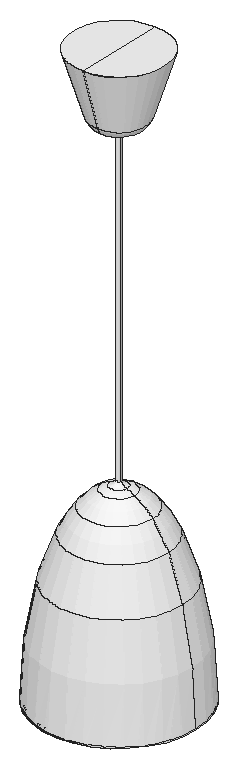
Revit family "Lighting_Pendants_Nordlux_Nexus_20", category Lighting Fixtures, host Ceiling, Revit 2017
Family settings
  Host = Ceiling
  Round Connector Dimension = Use Diameter
  Part Type = Normal
  OmniClass Number = 23.80.70.11
  OmniClass Title = Luminaries for Internal Lighting
  Always vertical = Yes
  Cut with Voids When Loaded = No
  Light Source = Yes
  Shared = No
  Room Calculation Point = No
Parameters (values of type "Nexus 20 - white")
  Wattage = 1.34642 W
  WarrantyStartDate [instance] = "n/a"
  WarrantyGuarantorParts = "n/a"
  WarrantyGuarantorLabor = "n/a"
  WarrantyDurationUnit = "Hours"
  WarrantyDurationParts = "n/a"
  WarrantyDurationLabor = "n/a"
  WarrantyDescription = "n/a"
  built-in parameter 1150110 = 1 (stored number, unit not read)
  VersionDate = "07/08/2019"  # constant formula
  Version = "1"  # constant formula
  UsageCurrent = 0 A
  Uniclass2015Reference = "Pr_70_70_48_62"
  Uniclass2015Description = "Pendant  luminaires"
  Uniclass2 = "Pr_70_70_49_86"
  URL = "https://www.nordlux.com/products/product/77263001"
  TotalWattage = 40 W
  built-in parameter 1114217 = 1 (stored number, unit not read)
  Tilt Angle = 90.00°
  built-in parameter 1150109 = 1 (stored number, unit not read)
  built-in parameter 1150134 = (empty or 0)
  TagNumber [instance] = "n/a"
  SustainabilityPerformance = "n/a"
  built-in parameter 1150113 = 1 (stored number, unit not read)
  Socket = "E27"
  Size = "Shade: 200x200x250 mm / Canopy: 120x120x90 mm"
  Shape = "Sculptured"
  SerialNumber [instance] = "n/a"
  Revision = "n/a"
  ReplacementCost = "n/a"
  ProductInformation = "n/a"
  Product data url = "https://www.bimobject.com/nordlux/product/nexus_20_e27_pendant"
  Photometric Web File = "7726 Nexus 20 Pendel w acryl.ies"
  PhaseReference = "n/a"
  PhaseAngle = 0.00°
  NumberOfSources = 0
  NumberOfPoles = 1
  NominalWidth = NominalDiameter  # 200 mm
  NominalVoltageCalc = 0 V
  NominalVoltage = 230 V
  NominalRadius = NominalDiameter / 2  # 100 mm
  NominalLength = NominalDiameter  # 200 mm
  NominalHeight [instance] = CableLengthControl + 257.5 mm  # 757.5 mm
  NominalFrequencyRange = 50 Hz
  NominalDiameter = 200 mm
  NominalCurrent = 0 A
  Name = "Nexus_20"  # constant formula
  NBSReference = "90-60-50/405"
  NBSDescription = "General purpose luminaires"
  ModelReference = ArticleNumber  # "77263001"
  ModelNumber = "n/a"
  Model = "Nexus 20 - white"
  Material = "Metal, plastic & textile"
  ManufacturersSpecificInformation = "n/a"
  ManufacturerURL = "https://www.nordlux.com/"
  ManufacturerName = "Nordlux"
  Manufacturer = "Nordlux"
  MaintenanceFactor = 0
  Lumens = 200 lm
  built-in parameter 1150115 = 1 (stored number, unit not read)
  built-in parameter 1150105 = 303.49 (stored number, unit not read)
  LightSource = "Not included"
  LightFixtureTertiaryMaterial = Glass
  LightFixtureSecondaryMaterial = White cable
  LightFixturePlacingType = "Ceilling"
  LightFixtureMountingType = "Suspended"
  LightFixtureMainMaterial = White
  built-in parameter 1150137 = (empty or 0)
  built-in parameter 1150139 = (empty or 0)
  LensMaterial = Acrylic diffuser
  built-in parameter 1150112 = 1 (stored number, unit not read)
  built-in parameter 1150114 = 1 (stored number, unit not read)
  InsulationStandardClass = "Class 2 (Double isolated)"
  InstallationDate [instance] = "n/a"
  built-in parameter 1150132 = 2
  built-in parameter 1150102 = (empty or 0)
  built-in parameter 1150138 = (empty or 0)
  built-in parameter 1150107 = 2700 (stored number, unit not read)
  built-in parameter 1150106 = 3.0349 (stored number, unit not read)
  IfcExportType = "NOTDEFINED"  # constant formula
  IfcExportAs = "IfcLightFixtureType"  # constant formula
  IP_Code = "IP20"
  HasProtectiveEarth = no
  Grade = "n/a"
  Finish = "Primary material metal, secondary material plastic, textile cable"
  Features = "Includes acylic diffuser. Textile cable 250cm. Cable can not be replaced."
  ExpectedLife = "n/a"
  EnergyClass = "A++ - D"
  Emit from Circle Diameter = 50 mm
  Emit Shape Visible in Rendering = no
  ElectricalDeviceNominalPower = 0
  built-in parameter 1150104 = 13.8 (stored number, unit not read)
  EANNumber = "5701581245280"
  DurationUnit = "Hours"
  Dimming Lamp Color Temperature Shift = <None>
  Designer = "Bonnelycke MDD"
  Description = "NEXUS is an exciting series that epitomises Nordic cool. The details tell the story of an elegantly designed light, for example, the pendant’s invisible transition between shade and cord, and the beautiful enclosed acrylic inserts that create an exciting play of light."
  DefaultElevation = 0 mm
  ConvergoRefNr = "0143-1909-0010-DK"
  Constituents = "n/a"
  Color Filter = 16777215
  Color = "White"
  Collection = "Nexus"
  CodePerformance = "n/a"
  Category = "Indoor lighting"
  CableLengthControl [instance] = if(CableLength < 250 mm, 250 mm, if(CableLength > 2500 mm, 2500 mm, CableLength))  # 500 mm
  CableLength [instance] = 500 mm
  Brand = "Nordlux"
  Barcode [instance] = "n/a"
  built-in parameter 1114218 = 1 (stored number, unit not read)
  BIMObjectName = "Lighting_Pendants_Nordlux_Nexus_20"  # constant formula
  Author = "Convergo AB"  # constant formula
  built-in parameter 1150133 = 10 (stored number, unit not read)
  AssetType = "Fixed"
  AssetIdentifier [instance] = "n/a"
  ArticleNumber = "77263001"
  AccessibilityPerformance = "n/a"
Types (4, lengths in mm): name | URL | ModelReference | Model | LightFixtureSecondaryMaterial | LightFixtureMainMaterial | EANNumber | Color | ArticleNumber
  Nexus 20 - white | "https://www.nordlux.com/products/product/77263001" | "77263001" | "Nexus 20 - white" | White cable | White | "5701581245280" | "White" | "77263001"
  Nexus 20 - black | "https://www.nordlux.com/products/product/77263003" | "77263003" | "Nexus 20 - black" | Black cable | Black | "5701581245389" | "Black" | "77263003"
  Nexus 20 - grey | "https://www.nordlux.com/products/product/77263010" | "77263010" | "Nexus 20 - grey" | Grey cable | Grey | "5701581245587" | "Grey" | "77263010"
  Nexus 20 - brushed steel | "https://www.nordlux.com/products/product/77263032" | "77263032" | "Nexus 20 - brushed steel" | Black cable | Brushed steel | "5701581254688" | "Brushed steel" | "77263032"
Reference planes
  plane 1 "Light Source Axis (F/B)": y = 0
  plane 2: z = 0
  plane 3 "Light Source Axis (L/R)": x = 0
  plane 4 "Ceiling": z = 4000
  plane 5 "Light Source Elevation": z = 3246.5
  plane 6: x = -100
  plane 7: y = 100
  plane 8: x = 100
  plane 9: y = -100
  plane 10: z = 3500
  plane 11: z = 3242.5
Forms (mm)
  Extrusion 1, solid, material "White" <- "LightFixtureMainMaterial", detail levels coarse
    sketch origin (0, 6000, 3224.2) x (0, 1, 0) y (1, 0, 0)
      loop
        line (-5900, -100) -> (-5900, 100) -> (-6100, 100) -> (-6100, -100) -> (-5900, -100)
    from -18.3 to -775.8
Lines and regions (mm)
  symbolic lines
    curve 1: line (3.5, 0, 4000) -> (-3, 0, 4000)
  symbolic lines, detail levels medium+fine
    curve 2: line (3, 0, 3910.425) -> (3, 0, 3500.031)
    curve 3: line (0, 3, 3910.425) -> (0, 3, 3500.031)
    curve 4: line (-3, 0, 3910.425) -> (-3, 0, 3500.031)
    curve 5: line (0, -3, 3910.425) -> (0, -3, 3500.031)
Dimensions and locks
  equal spacing: host sketch curve, plane 3 "Light Source Axis (L/R)", host sketch curve
  equal spacing: host sketch curve, plane 1 "Light Source Axis (F/B)", host sketch curve
  host sketch curve to host sketch curve = 4000 mm  (x2)
  locked: plane 4 "Ceiling" to host ceiling at 0
  equal spacing: plane 9, plane 1 "Light Source Axis (F/B)", plane 7
  "NominalDiameter": plane 7 to plane 9
  equal spacing: plane 6, plane 3 "Light Source Axis (L/R)", plane 8
  "NominalDiameter": plane 6 to plane 8
  "CableLengthControl": plane 10 to plane 4 "Ceiling"
  "NominalHeight": plane 11 to plane 4 "Ceiling"
  locked: plane 11 to plane 5 "Light Source Elevation" at 4
  aligned and locked: plane 3 "Light Source Axis (L/R)" to imposter light
  aligned and locked: plane 1 "Light Source Axis (F/B)" to imposter light
  aligned and locked: plane 5 "Light Source Elevation" to imposter light
  aligned and locked: plane 4 "Ceiling" to curve 1
  aligned and locked: plane 7 to Extrusion 1 sketch curve
  aligned and locked: plane 6 to Extrusion 1 sketch curve
  aligned and locked: plane 9 to Extrusion 1 sketch curve
  aligned and locked: plane 8 to Extrusion 1 sketch curve
  aligned and locked: Extrusion 1 to plane 4 "Ceiling"
  aligned and locked: plane 11 to Extrusion 1
  aligned and locked: nested 2 to plane 4 "Ceiling"
  aligned and locked: curve 3 to nested 2
  aligned and locked: curve 5 to nested 2
  aligned and locked: nested 2 to curve 2
  aligned and locked: nested 2 to curve 4
  aligned and locked: plane 11 to nested 1
  aligned and locked: nested 1 to curve 2
  aligned and locked: nested 1 to curve 4
  aligned and locked: nested 1 to curve 5
  aligned and locked: curve 3 to nested 1
Automatic sketch dimensions
  plane 1 "Light Source Axis (F/B)" to curve 5 = 3 mm
  curve 3 to plane 1 "Light Source Axis (F/B)" = 3 mm
  curve 1 to plane 3 "Light Source Axis (L/R)" = 3 mm
  curve 4 to plane 3 "Light Source Axis (L/R)" = 3 mm
  plane 3 "Light Source Axis (L/R)" to curve 2 = 3 mm
  plane 3 "Light Source Axis (L/R)" to curve 1 = 3.5 mm
Nested families
  nested 1: "Nexus_20" at (0, 0, 3242.5), Metal <- "LightFixtureMainMaterial", Diffuser <- "LensMaterial", Glass <- "LightFixtureTertiaryMaterial", type "Nexus_20"
    with Metal White, Glass Glass, Diffuser Acrylic diffuser
  nested 2: "Nexus_Cable" at (0, 0, 4000) x (1, 0, 0) z (0, 0, -1), Cable <- "LightFixtureSecondaryMaterial", Metal <- "LightFixtureMainMaterial", CableLength <- "CableLengthControl", type "Nexus_Cable"
    with Metal White, CableLength 500 mm, Cable White cable
Connectors
  electrical at (0, 0, 4000), driven by "NumberOfPoles", driven by "NominalVoltage"
    settings: on nested 2, index 1, voltage 230 V, apparent load 0 VA, apparent load phase1 0 VA, apparent load phase2 0 VA, apparent load phase3 0 VA, power factor 1, load classification "Other", number of poles 1, system type 31, power factor state 1, is connector primary yes, connector utility no, sub classification motor no, connector description ""
Definition of nested family "Nexus_20"
  Parameters (values of type "Nexus_20")
    Metal [instance] = none
    Glass [instance] = none
    Diffuser [instance] = none
  Reference planes
    plane 1 "Center (Front/Back)": y = 0
    plane 2: z = 0
    plane 3 "Center (Left/Right)": x = 0
  Forms (mm)
    Revolve 1, solid, material <- "Metal", detail levels medium+fine
      sketch origin (0, 0, 0) x (1, 0, 0) y (0, 0, 1)
        loop
          arc (-99.032, 5.439) -> (-95.019, 74.053) -> (-82.348, 141.605) r 541.589
          arc (-82.348, 141.605) -> (-74.059, 168.555) -> (-63.148, 194.555) r 285.07
          arc (-63.148, 194.555) -> (-53.92, 211.306) -> (-42.854, 226.904) r 168.641
          arc (-42.854, 226.904) -> (-32.611, 237.519) -> (-20.567, 246.037) r 78.716
          arc (-20.567, 246.037) -> (-15.713, 248.41) -> (-10.585, 250.113) r 40.35
          arc (-10.585, 250.113) -> (-5.835, 252.468) -> (-2.429, 256.531) r 12.928
          line (-2.429, 256.531) -> (0, 256.531) -> (0, 257.531) -> (-3.101, 257.531)
          arc (-3.101, 257.531) -> (-6.224, 253.442) -> (-10.799, 251.091) r 11.684
          arc (-10.799, 251.091) -> (-16.073, 249.343) -> (-21.065, 246.904) r 41.35
          arc (-21.065, 246.904) -> (-33.262, 238.278) -> (-43.636, 227.528) r 79.716
          arc (-43.636, 227.528) -> (-54.767, 211.837) -> (-64.05, 194.987) r 169.641
          arc (-64.05, 194.987) -> (-74.999, 168.896) -> (-83.317, 141.852) r 286.07
          arc (-83.317, 141.852) -> (-96.098, 73.465) -> (-100.023, 4.005) r 542.589
          arc (-100.023, 4.005) -> (-97.258, 3.155) -> (-99.032, 5.439) r 1.517
        axis (0, 257.531) -> (0, 4.005)
      angle from 0 to 360
    Revolve 2, solid, material <- "Glass", detail levels medium+fine
      sketch origin (0, 0, 0) x (1, 0, 0) y (0, 0, 1)
        loop
          line (0, 185.645) -> (0, 205.645)
          arc (0, 205.645) -> (-10, 195.645) -> (0, 185.645) r 10
        axis (0, 185.645) -> (0, 205.645)
      angle from 0 to 360
    Revolve 3, solid, material <- "Metal", detail levels medium+fine
      sketch origin (0, 0, 0) x (1, 0, 0) y (0, 0, 1)
        loop
          line (-7.592, 204.941) -> (0, 204.941) -> (0, 253.471) -> (-3.618, 253.471) -> (-3.618, 250.477) -> (-8, 250.477) -> (-8, 232.425) -> (-0.597, 232.425)
          arc (-0.597, 232.425) -> (-5.571, 230.063) -> (-7.592, 224.941) r 7.501
          line (-7.592, 224.941) -> (-7.592, 204.941)
        axis (0, 253.471) -> (0, 204.941)
      angle from 0 to 360
    Extrusion 4, solid, material <- "Diffuser", detail levels medium+fine
      sketch origin (0, 0, 0) x (1, 0, 0) y (0, 1, 0)
        loop
          circle (48, 0) r 42
        loop
          circle (48, 0) r 44
      from 0 to 4
    Extrusion 5, solid, material <- "Diffuser", detail levels medium+fine
      sketch origin (0, 0, 0) x (0.866025, -0.5, 0) y (0.5, 0.866025, 0)
        loop
          circle (48, 0) r 42
        loop
          circle (48, 0) r 44
      from 0 to 4
    Extrusion 6, solid, material <- "Diffuser", detail levels medium+fine
      sketch origin (0, 0, 0) x (0.5, -0.866025, 0) y (0.866025, 0.5, 0)
        loop
          circle (48, 0) r 42
        loop
          circle (48, 0) r 44
      from 0 to 4
    Extrusion 7, solid, material <- "Diffuser", detail levels medium+fine
      sketch origin (0, 0, 0) x (0, -1, 0) y (1, 0, 0)
        loop
          circle (48, 0) r 42
        loop
          circle (48, 0) r 44
      from 0 to 4
    Extrusion 8, solid, material <- "Diffuser", detail levels medium+fine
      sketch origin (0, 0, 0) x (-0.5, -0.866025, 0) y (0.866025, -0.5, 0)
        loop
          circle (48, 0) r 42
        loop
          circle (48, 0) r 44
      from 0 to 4
    Extrusion 9, solid, material <- "Diffuser", detail levels medium+fine
      sketch origin (0, 0, 0) x (-0.866025, -0.5, 0) y (0.5, -0.866025, 0)
        loop
          circle (48, 0) r 42
        loop
          circle (48, 0) r 44
      from 0 to 4
    Extrusion 10, solid, material <- "Diffuser", detail levels medium+fine
      sketch origin (0, 0, 0) x (-1, 0, 0) y (0, -1, 0)
        loop
          circle (48, 0) r 42
        loop
          circle (48, 0) r 44
      from 0 to 4
    Extrusion 11, solid, material <- "Diffuser", detail levels medium+fine
      sketch origin (0, 0, 0) x (-0.866025, 0.5, 0) y (-0.5, -0.866025, 0)
        loop
          circle (48, 0) r 42
        loop
          circle (48, 0) r 44
      from 0 to 4
    Extrusion 12, solid, material <- "Diffuser", detail levels medium+fine
      sketch origin (0, 0, 0) x (-0.5, 0.866025, 0) y (-0.866025, -0.5, 0)
        loop
          circle (48, 0) r 42
        loop
          circle (48, 0) r 44
      from 0 to 4
    Extrusion 13, solid, material <- "Diffuser", detail levels medium+fine
      sketch origin (0, 0, 0) x (0, 1, 0) y (-1, 0, 0)
        loop
          circle (48, 0) r 42
        loop
          circle (48, 0) r 44
      from 0 to 4
    Extrusion 14, solid, material <- "Diffuser", detail levels medium+fine
      sketch origin (0, 0, 0) x (0.5, 0.866025, 0) y (-0.866025, 0.5, 0)
        loop
          circle (48, 0) r 42
        loop
          circle (48, 0) r 44
      from 0 to 4
    Extrusion 15, solid, material <- "Diffuser", detail levels medium+fine
      sketch origin (0, 0, 0) x (0.866025, 0.5, 0) y (-0.5, 0.866025, 0)
        loop
          circle (48, 0) r 42
        loop
          circle (48, 0) r 44
      from 0 to 4
    Revolve 16, solid, material <- "Metal", detail levels medium+fine
      sketch origin (0, 0, 0) x (0, 1, 0) y (0, 0, 1)
        loop
          line (100.25, 2.5) -> (100.25, 4) -> (92.902, 4) -> (92.902, 2.5) -> (100.25, 2.5)
        axis (0, 2.5) -> (0, 4)
      angle from 0 to 360
    Revolve 17, solid, material <- "Metal", detail levels medium+fine
      sketch origin (0, 0, 0) x (1, 0, 0) y (0, 0, 1)
        loop
          line (-96.5, 15) -> (-96.5, 4) -> (-91.5, 4) -> (-91.5, 15) -> (-96.5, 15)
        axis (0, 15) -> (0, 4)
      angle from 0 to 360
  Cuts and joins
    joined: Extrusion 4, Extrusion 5, Extrusion 6, Extrusion 7, Extrusion 8, Extrusion 9, Extrusion 10, Extrusion 11, Extrusion 12, Extrusion 13, Extrusion 14, Extrusion 15
    joined: Revolve 1, Revolve 16
  Lines and regions (mm)
    symbolic lines, detail levels fine
      curve 1: arc (-46, 79.674, 0) -> (-55.491, 72.299, 0) -> (-62.631, 62.631, 0) r 44
      curve 2: arc (-62.631, 62.631, 0) -> (-72.299, 55.491, 0) -> (-79.674, 46, 0) r 44
      curve 3: arc (-79.674, 46, 0) -> (-84.206, 34.868, 0) -> (-85.556, 22.925, 0) r 44
      curve 4: arc (-85.556, 22.925, 0) -> (-90.358, 11.907, 0) -> (-92, 0, 0) r 44
      curve 5: arc (-92, 0, 0) -> (-90.358, -11.907, 0) -> (-85.556, -22.925, 0) r 44
      curve 6: arc (-85.556, -22.925, 0) -> (-84.206, -34.868, 0) -> (-79.674, -46, 0) r 44
      curve 7: arc (-79.674, -46, 0) -> (-72.299, -55.491, 0) -> (-62.631, -62.631, 0) r 44
      curve 8: arc (-62.631, -62.631, 0) -> (-55.491, -72.299, 0) -> (-46, -79.674, 0) r 44
      curve 9: arc (-46, -79.674, 0) -> (-34.868, -84.206, 0) -> (-22.925, -85.556, 0) r 44
      curve 10: arc (-22.925, -85.556, 0) -> (-11.907, -90.358, 0) -> (0, -92, 0) r 44
      curve 11: arc (0, -92, 0) -> (11.907, -90.358, 0) -> (22.925, -85.556, 0) r 44
      curve 12: arc (22.925, -85.556, 0) -> (34.868, -84.206, 0) -> (46, -79.674, 0) r 44
      curve 13: arc (46, -79.674, 0) -> (55.491, -72.299, 0) -> (62.631, -62.631, 0) r 44
      curve 14: arc (62.631, -62.631, 0) -> (72.299, -55.491, 0) -> (79.674, -46, 0) r 44
      curve 15: arc (79.674, -46, 0) -> (84.206, -34.868, 0) -> (85.556, -22.925, 0) r 44
      curve 16: arc (85.556, -22.925, 0) -> (90.358, -11.907, 0) -> (92, 0, 0) r 44
      curve 17: arc (92, 0, 0) -> (90.358, 11.907, 0) -> (85.556, 22.925, 0) r 44
      curve 18: arc (85.556, 22.925, 0) -> (84.206, 34.868, 0) -> (79.674, 46, 0) r 44
      curve 19: arc (79.674, 46, 0) -> (72.299, 55.491, 0) -> (62.631, 62.631, 0) r 44
      curve 20: arc (62.631, 62.631, 0) -> (55.491, 72.299, 0) -> (46, 79.674, 0) r 44
      curve 21: arc (46, 79.674, 0) -> (34.868, 84.206, 0) -> (22.925, 85.556, 0) r 44
      curve 22: arc (22.925, 85.556, 0) -> (11.907, 90.358, 0) -> (0, 92, 0) r 44
      curve 23: arc (0, 92, 0) -> (-11.907, 90.358, 0) -> (-22.925, 85.556, 0) r 44
      curve 24: arc (-22.925, 85.556, 0) -> (-34.868, 84.206, 0) -> (-46, 79.674, 0) r 44
      curve 25: arc (-59.352, 64.247, 0) -> (-52.996, 71.954, 0) -> (-45, 77.942, 0) r 42
      curve 26: arc (-45, 77.942, 0) -> (-35.816, 81.873, 0) -> (-25.963, 83.523, 0) r 42
      curve 27: arc (-25.963, 83.523, 0) -> (-33.512, 76.512, 0) -> (-39.224, 67.937, 0) r 44
      curve 28: arc (-39.224, 67.937, 0) -> (-49.505, 67.278, 0) -> (-59.352, 64.247, 0) r 44
      curve 29: arc (-19.277, 85.315, 0) -> (-9.919, 88.812, 0) -> (0, 90, 0) r 42
      curve 30: arc (0, 90, 0) -> (9.919, 88.812, 0) -> (19.277, 85.315, 0) r 42
      curve 31: arc (19.277, 85.315, 0) -> (9.234, 83.017, 0) -> (0, 78.447, 0) r 44
      curve 32: arc (0, 78.447, 0) -> (-9.234, 83.017, 0) -> (-19.277, 85.315, 0) r 44
      curve 33: arc (39.224, 67.937, 0) -> (33.512, 76.512, 0) -> (25.963, 83.523, 0) r 44
      curve 34: arc (25.963, 83.523, 0) -> (35.816, 81.873, 0) -> (45, 77.942, 0) r 42
      curve 35: arc (45, 77.942, 0) -> (52.996, 71.954, 0) -> (59.352, 64.247, 0) r 42
      curve 36: arc (59.352, 64.247, 0) -> (49.505, 67.278, 0) -> (39.224, 67.937, 0) r 44
      curve 37: arc (67.937, 39.224, 0) -> (67.278, 49.505, 0) -> (64.247, 59.352, 0) r 44
      curve 38: arc (64.247, 59.352, 0) -> (71.954, 52.996, 0) -> (77.942, 45, 0) r 42
      curve 39: arc (77.942, 45, 0) -> (81.873, 35.816, 0) -> (83.523, 25.963, 0) r 42
      curve 40: arc (83.523, 25.963, 0) -> (76.512, 33.512, 0) -> (67.937, 39.224, 0) r 44
      curve 41: arc (78.447, 0, 0) -> (83.017, 9.234, 0) -> (85.315, 19.277, 0) r 44
      curve 42: arc (85.315, 19.277, 0) -> (88.812, 9.919, 0) -> (90, 0, 0) r 42
      curve 43: arc (90, 0, 0) -> (88.812, -9.919, 0) -> (85.315, -19.277, 0) r 42
      curve 44: arc (85.315, -19.277, 0) -> (83.017, -9.234, 0) -> (78.447, 0, 0) r 44
      curve 45: arc (67.937, -39.224, 0) -> (76.512, -33.512, 0) -> (83.523, -25.963, 0) r 44
      curve 46: arc (83.523, -25.963, 0) -> (81.873, -35.816, 0) -> (77.942, -45, 0) r 42
      curve 47: arc (77.942, -45, 0) -> (71.954, -52.996, 0) -> (64.247, -59.352, 0) r 42
      curve 48: arc (64.247, -59.352, 0) -> (67.278, -49.505, 0) -> (67.937, -39.224, 0) r 44
      curve 49: arc (39.224, -67.937, 0) -> (49.505, -67.278, 0) -> (59.352, -64.247, 0) r 44
      curve 50: arc (59.352, -64.247, 0) -> (52.996, -71.954, 0) -> (45, -77.942, 0) r 42
      curve 51: arc (45, -77.942, 0) -> (35.816, -81.873, 0) -> (25.963, -83.523, 0) r 42
      curve 52: arc (25.963, -83.523, 0) -> (33.512, -76.512, 0) -> (39.224, -67.937, 0) r 44
      curve 53: arc (0, -90, 0) -> (-9.919, -88.812, 0) -> (-19.277, -85.315, 0) r 42
      curve 54: arc (-19.277, -85.315, 0) -> (-9.234, -83.017, 0) -> (0, -78.447, 0) r 44
      curve 55: arc (0, -78.447, 0) -> (9.234, -83.017, 0) -> (19.277, -85.315, 0) r 44
      curve 56: arc (19.277, -85.315, 0) -> (9.919, -88.812, 0) -> (0, -90, 0) r 42
      curve 57: arc (-25.963, -83.523, 0) -> (-35.816, -81.873, 0) -> (-45, -77.942, 0) r 42
      curve 58: arc (-45, -77.942, 0) -> (-52.996, -71.954, 0) -> (-59.352, -64.247, 0) r 42
      curve 59: arc (-59.352, -64.247, 0) -> (-49.505, -67.278, 0) -> (-39.224, -67.937, 0) r 44
      curve 60: arc (-39.224, -67.937, 0) -> (-33.512, -76.512, 0) -> (-25.963, -83.523, 0) r 44
      curve 61: arc (-64.247, -59.352, 0) -> (-71.954, -52.996, 0) -> (-77.942, -45, 0) r 42
      curve 62: arc (-77.942, -45, 0) -> (-81.873, -35.816, 0) -> (-83.523, -25.963, 0) r 42
      curve 63: arc (-83.523, -25.963, 0) -> (-76.512, -33.512, 0) -> (-67.937, -39.224, 0) r 44
      curve 64: arc (-67.937, -39.224, 0) -> (-67.278, -49.505, 0) -> (-64.247, -59.352, 0) r 44
      curve 65: arc (-85.315, -19.277, 0) -> (-88.812, -9.919, 0) -> (-90, 0, 0) r 42
      curve 66: arc (-90, 0, 0) -> (-88.812, 9.919, 0) -> (-85.315, 19.277, 0) r 42
      curve 67: arc (-85.315, 19.277, 0) -> (-83.017, 9.234, 0) -> (-78.447, 0, 0) r 44
      curve 68: arc (-78.447, 0, 0) -> (-83.017, -9.234, 0) -> (-85.315, -19.277, 0) r 44
      curve 69: arc (-83.523, 25.963, 0) -> (-81.873, 35.816, 0) -> (-77.942, 45, 0) r 42
      curve 70: arc (-77.942, 45, 0) -> (-71.954, 52.996, 0) -> (-64.247, 59.352, 0) r 42
      curve 71: arc (-64.247, 59.352, 0) -> (-67.278, 49.505, 0) -> (-67.937, 39.224, 0) r 44
      curve 72: arc (-67.937, 39.224, 0) -> (-76.512, 33.512, 0) -> (-83.523, 25.963, 0) r 44
      curve 73: arc (-61.154, 61.154, 0) -> (-50.972, 64.934, 0) -> (-40.16, 65.976, 0) r 42
      curve 74: arc (-40.16, 65.976, 0) -> (-43.419, 55.124, 0) -> (-43.799, 43.799, 0) r 44
      curve 75: arc (-43.799, 43.799, 0) -> (-55.124, 43.419, 0) -> (-65.976, 40.16, 0) r 44
      curve 76: arc (-65.976, 40.16, 0) -> (-64.934, 50.972, 0) -> (-61.154, 61.154, 0) r 42
      curve 77: arc (-37.057, 67.768, 0) -> (-30.749, 76.61, 0) -> (-22.384, 83.538, 0) r 42
      curve 78: arc (-22.384, 83.538, 0) -> (-11.676, 81.72, 0) -> (-1.792, 77.217, 0) r 42
      curve 79: arc (-1.792, 77.217, 0) -> (-10.04, 69.448, 0) -> (-16.032, 59.831, 0) r 44
      curve 80: arc (-16.032, 59.831, 0) -> (-26.029, 65.164, 0) -> (-37.057, 67.768, 0) r 44
      curve 81: arc (1.792, 77.217, 0) -> (11.676, 81.72, 0) -> (22.384, 83.538, 0) r 42
      curve 82: arc (22.384, 83.538, 0) -> (30.749, 76.61, 0) -> (37.057, 67.768, 0) r 42
      curve 83: arc (37.057, 67.768, 0) -> (26.029, 65.164, 0) -> (16.032, 59.831, 0) r 44
      curve 84: arc (16.032, 59.831, 0) -> (10.04, 69.448, 0) -> (1.792, 77.217, 0) r 44
      curve 85: arc (40.16, 65.976, 0) -> (50.972, 64.934, 0) -> (61.154, 61.154, 0) r 42
      curve 86: arc (61.154, 61.154, 0) -> (64.934, 50.972, 0) -> (65.976, 40.16, 0) r 42
      curve 87: arc (65.976, 40.16, 0) -> (55.124, 43.419, 0) -> (43.799, 43.799, 0) r 44
      curve 88: arc (43.799, 43.799, 0) -> (43.419, 55.124, 0) -> (40.16, 65.976, 0) r 44
      curve 89: arc (59.831, 16.032, 0) -> (65.164, 26.029, 0) -> (67.768, 37.057, 0) r 44
      curve 90: arc (67.768, 37.057, 0) -> (76.61, 30.749, 0) -> (83.538, 22.384, 0) r 42
      curve 91: arc (83.538, 22.384, 0) -> (81.72, 11.676, 0) -> (77.217, 1.792, 0) r 42
      curve 92: arc (77.217, 1.792, 0) -> (69.448, 10.04, 0) -> (59.831, 16.032, 0) r 44
      curve 93: arc (59.831, -16.032, 0) -> (69.448, -10.04, 0) -> (77.217, -1.792, 0) r 44
      curve 94: arc (77.217, -1.792, 0) -> (81.72, -11.676, 0) -> (83.538, -22.384, 0) r 42
      curve 95: arc (83.538, -22.384, 0) -> (76.61, -30.749, 0) -> (67.768, -37.057, 0) r 42
      curve 96: arc (67.768, -37.057, 0) -> (65.164, -26.029, 0) -> (59.831, -16.032, 0) r 44
      curve 97: arc (43.799, -43.799, 0) -> (55.124, -43.419, 0) -> (65.976, -40.16, 0) r 44
      curve 98: arc (65.976, -40.16, 0) -> (64.934, -50.972, 0) -> (61.154, -61.154, 0) r 42
      curve 99: arc (61.154, -61.154, 0) -> (50.972, -64.934, 0) -> (40.16, -65.976, 0) r 42
      curve 100: arc (40.16, -65.976, 0) -> (43.419, -55.124, 0) -> (43.799, -43.799, 0) r 44
      curve 101: arc (-37.057, -67.768, 0) -> (-26.029, -65.164, 0) -> (-16.032, -59.831, 0) r 44
      curve 102: arc (-16.032, -59.831, 0) -> (-10.04, -69.448, 0) -> (-1.792, -77.217, 0) r 44
      curve 103: arc (-1.792, -77.217, 0) -> (-11.676, -81.72, 0) -> (-22.384, -83.538, 0) r 42
      curve 104: arc (-22.384, -83.538, 0) -> (-30.749, -76.61, 0) -> (-37.057, -67.768, 0) r 42
      curve 105: arc (-43.799, -43.799, 0) -> (-43.419, -55.124, 0) -> (-40.16, -65.976, 0) r 44
      curve 106: arc (-40.16, -65.976, 0) -> (-50.972, -64.934, 0) -> (-61.154, -61.154, 0) r 42
      curve 107: arc (-61.154, -61.154, 0) -> (-64.934, -50.972, 0) -> (-65.976, -40.16, 0) r 42
      curve 108: arc (-65.976, -40.16, 0) -> (-55.124, -43.419, 0) -> (-43.799, -43.799, 0) r 44
      curve 109: arc (1.792, -77.217, 0) -> (10.04, -69.448, 0) -> (16.032, -59.831, 0) r 44
      curve 110: arc (16.032, -59.831, 0) -> (26.029, -65.164, 0) -> (37.057, -67.768, 0) r 44
      curve 111: arc (37.057, -67.768, 0) -> (30.749, -76.61, 0) -> (22.384, -83.538, 0) r 42
      curve 112: arc (22.384, -83.538, 0) -> (11.676, -81.72, 0) -> (1.792, -77.217, 0) r 42
      curve 113: arc (-59.831, -16.032, 0) -> (-65.164, -26.029, 0) -> (-67.768, -37.057, 0) r 44
      curve 114: arc (-67.768, -37.057, 0) -> (-76.61, -30.749, 0) -> (-83.538, -22.384, 0) r 42
      curve 115: arc (-83.538, -22.384, 0) -> (-81.72, -11.676, 0) -> (-77.217, -1.792, 0) r 42
      curve 116: arc (-77.217, -1.792, 0) -> (-69.448, -10.04, 0) -> (-59.831, -16.032, 0) r 44
      curve 117: arc (-83.538, 22.384, 0) -> (-76.61, 30.749, 0) -> (-67.768, 37.057, 0) r 42
      curve 118: arc (-67.768, 37.057, 0) -> (-65.164, 26.029, 0) -> (-59.831, 16.032, 0) r 44
      curve 119: arc (-59.831, 16.032, 0) -> (-69.448, 10.04, 0) -> (-77.217, 1.792, 0) r 44
      curve 120: arc (-77.217, 1.792, 0) -> (-81.72, 11.676, 0) -> (-83.538, 22.384, 0) r 42
      curve 121: arc (-65.85, 38.018, 0) -> (-54.96, 41.419, 0) -> (-43.556, 41.764, 0) r 42
      curve 122: arc (-43.556, 41.764, 0) -> (-40.036, 29.749, 0) -> (-33.275, 19.211, 0) r 44
      curve 123: arc (-33.275, 19.211, 0) -> (-45.781, 19.798, 0) -> (-57.947, 16.838, 0) r 44
      curve 124: arc (-57.947, 16.838, 0) -> (-63.35, 26.887, 0) -> (-65.85, 38.018, 0) r 42
      curve 125: arc (-41.764, 43.556, 0) -> (-41.419, 54.96, 0) -> (-38.018, 65.85, 0) r 42
      curve 126: arc (-38.018, 65.85, 0) -> (-26.887, 63.35, 0) -> (-16.838, 57.947, 0) r 42
      curve 127: arc (-16.838, 57.947, 0) -> (-19.798, 45.781, 0) -> (-19.211, 33.275, 0) r 44
      curve 128: arc (-19.211, 33.275, 0) -> (-29.749, 40.036, 0) -> (-41.764, 43.556, 0) r 44
      curve 129: arc (-14.391, 58.603, 0) -> (-8.39, 68.306, 0) -> (0, 76.037, 0) r 42
      curve 130: arc (0, 76.037, 0) -> (8.39, 68.306, 0) -> (14.391, 58.603, 0) r 42
      curve 131: arc (14.391, 58.603, 0) -> (5.745, 49.547, 0) -> (0, 38.422, 0) r 44
      curve 132: arc (0, 38.422, 0) -> (-5.745, 49.547, 0) -> (-14.391, 58.603, 0) r 44
      curve 133: arc (16.838, 57.947, 0) -> (26.887, 63.35, 0) -> (38.018, 65.85, 0) r 42
      curve 134: arc (38.018, 65.85, 0) -> (41.419, 54.96, 0) -> (41.764, 43.556, 0) r 42
      curve 135: arc (41.764, 43.556, 0) -> (29.749, 40.036, 0) -> (19.211, 33.275, 0) r 44
      curve 136: arc (19.211, 33.275, 0) -> (19.798, 45.781, 0) -> (16.838, 57.947, 0) r 44
      curve 137: arc (33.275, 19.211, 0) -> (40.036, 29.749, 0) -> (43.556, 41.764, 0) r 44
      curve 138: arc (43.556, 41.764, 0) -> (54.96, 41.419, 0) -> (65.85, 38.018, 0) r 42
      curve 139: arc (65.85, 38.018, 0) -> (63.35, 26.887, 0) -> (57.947, 16.838, 0) r 42
      curve 140: arc (57.947, 16.838, 0) -> (45.781, 19.798, 0) -> (33.275, 19.211, 0) r 44
      curve 141: arc (38.422, 0, 0) -> (49.547, 5.745, 0) -> (58.603, 14.391, 0) r 44
      curve 142: arc (58.603, 14.391, 0) -> (68.306, 8.39, 0) -> (76.037, 0, 0) r 42
      curve 143: arc (76.037, 0, 0) -> (68.306, -8.39, 0) -> (58.603, -14.391, 0) r 42
      curve 144: arc (58.603, -14.391, 0) -> (49.547, -5.745, 0) -> (38.422, 0, 0) r 44
      curve 145: arc (33.275, -19.211, 0) -> (45.781, -19.798, 0) -> (57.947, -16.838, 0) r 44
      curve 146: arc (57.947, -16.838, 0) -> (63.35, -26.887, 0) -> (65.85, -38.018, 0) r 42
      curve 147: arc (65.85, -38.018, 0) -> (54.96, -41.419, 0) -> (43.556, -41.764, 0) r 42
      curve 148: arc (43.556, -41.764, 0) -> (40.036, -29.749, 0) -> (33.275, -19.211, 0) r 44
      curve 149: arc (16.838, -57.947, 0) -> (19.798, -45.781, 0) -> (19.211, -33.275, 0) r 44
      curve 150: arc (19.211, -33.275, 0) -> (29.749, -40.036, 0) -> (41.764, -43.556, 0) r 44
      curve 151: arc (41.764, -43.556, 0) -> (41.419, -54.96, 0) -> (38.018, -65.85, 0) r 42
      curve 152: arc (38.018, -65.85, 0) -> (26.887, -63.35, 0) -> (16.838, -57.947, 0) r 42
      curve 153: arc (0, -76.037, 0) -> (-8.39, -68.306, 0) -> (-14.391, -58.603, 0) r 42
      curve 154: arc (-14.391, -58.603, 0) -> (-5.745, -49.547, 0) -> (0, -38.422, 0) r 44
      curve 155: arc (0, -38.422, 0) -> (5.745, -49.547, 0) -> (14.391, -58.603, 0) r 44
      curve 156: arc (14.391, -58.603, 0) -> (8.39, -68.306, 0) -> (0, -76.037, 0) r 42
      curve 157: arc (-38.018, -65.85, 0) -> (-41.419, -54.96, 0) -> (-41.764, -43.556, 0) r 42
      curve 158: arc (-41.764, -43.556, 0) -> (-29.749, -40.036, 0) -> (-19.211, -33.275, 0) r 44
      curve 159: arc (-19.211, -33.275, 0) -> (-19.798, -45.781, 0) -> (-16.838, -57.947, 0) r 44
      curve 160: arc (-16.838, -57.947, 0) -> (-26.887, -63.35, 0) -> (-38.018, -65.85, 0) r 42
      curve 161: arc (-65.85, -38.018, 0) -> (-63.35, -26.887, 0) -> (-57.947, -16.838, 0) r 42
      curve 162: arc (-57.947, -16.838, 0) -> (-45.781, -19.798, 0) -> (-33.275, -19.211, 0) r 44
      curve 163: arc (-33.275, -19.211, 0) -> (-40.036, -29.749, 0) -> (-43.556, -41.764, 0) r 44
      curve 164: arc (-43.556, -41.764, 0) -> (-54.96, -41.419, 0) -> (-65.85, -38.018, 0) r 42
      curve 165: arc (-76.037, 0, 0) -> (-68.306, 8.39, 0) -> (-58.603, 14.391, 0) r 42
      curve 166: arc (-58.603, 14.391, 0) -> (-49.547, 5.745, 0) -> (-38.422, 0, 0) r 44
      curve 167: arc (-38.422, 0, 0) -> (-49.547, -5.745, 0) -> (-58.603, -14.391, 0) r 44
      curve 168: arc (-58.603, -14.391, 0) -> (-68.306, -8.39, 0) -> (-76.037, 0, 0) r 42
      curve 169: arc (-29.791, 18.394, 0) -> (-37.466, 29.019, 0) -> (-41.493, 41.493, 0) r 42
      curve 170: arc (-41.493, 41.493, 0) -> (-29.019, 37.466, 0) -> (-18.394, 29.791, 0) r 42
      curve 171: arc (-18.394, 29.791, 0) -> (-14.105, 19.569, 0) -> (-7.397, 10.744, 0) r 44
      curve 172: arc (-7.397, 10.744, 0) -> (-6.898, 8.637, 0) -> (-6.507, 6.507, 0) r 42
      curve 173: arc (-6.507, 6.507, 0) -> (-8.637, 6.898, 0) -> (-10.744, 7.397, 0) r 42
      curve 174: arc (-10.744, 7.397, 0) -> (-19.569, 14.105, 0) -> (-29.791, 18.394, 0) r 44
      curve 175: arc (-16.603, 30.825, 0) -> (-17.937, 43.865, 0) -> (-15.187, 56.68, 0) r 42
      curve 176: arc (-15.187, 56.68, 0) -> (-6.398, 46.956, 0) -> (-1.034, 34.997, 0) r 42
      curve 177: arc (-1.034, 34.997, 0) -> (-2.431, 24, 0) -> (-1.034, 13.003, 0) r 44
      curve 178: arc (-1.034, 13.003, 0) -> (-1.655, 10.929, 0) -> (-2.382, 8.889, 0) r 42
      curve 179: arc (-2.382, 8.889, 0) -> (-4.031, 10.292, 0) -> (-5.606, 11.778, 0) r 42
      curve 180: arc (-5.606, 11.778, 0) -> (-9.895, 22, 0) -> (-16.603, 30.825, 0) r 44
      curve 181: arc (1.034, 34.997, 0) -> (6.398, 46.956, 0) -> (15.187, 56.68, 0) r 42
      curve 182: arc (15.187, 56.68, 0) -> (17.937, 43.865, 0) -> (16.603, 30.825, 0) r 42
      curve 183: arc (16.603, 30.825, 0) -> (9.895, 22, 0) -> (5.606, 11.778, 0) r 44
      curve 184: arc (5.606, 11.778, 0) -> (4.031, 10.292, 0) -> (2.382, 8.889, 0) r 42
      curve 185: arc (2.382, 8.889, 0) -> (1.655, 10.929, 0) -> (1.034, 13.003, 0) r 42
      curve 186: arc (1.034, 13.003, 0) -> (2.431, 24, 0) -> (1.034, 34.997, 0) r 44
      curve 187: arc (18.394, 29.791, 0) -> (29.019, 37.466, 0) -> (41.493, 41.493, 0) r 42
      curve 188: arc (41.493, 41.493, 0) -> (37.466, 29.019, 0) -> (29.791, 18.394, 0) r 42
      curve 189: arc (29.791, 18.394, 0) -> (19.569, 14.105, 0) -> (10.744, 7.397, 0) r 44
      curve 190: arc (10.744, 7.397, 0) -> (8.637, 6.898, 0) -> (6.507, 6.507, 0) r 42
      curve 191: arc (6.507, 6.507, 0) -> (6.898, 8.637, 0) -> (7.397, 10.744, 0) r 42
      curve 192: arc (7.397, 10.744, 0) -> (14.105, 19.569, 0) -> (18.394, 29.791, 0) r 44
      curve 193: arc (30.825, 16.603, 0) -> (43.865, 17.937, 0) -> (56.68, 15.187, 0) r 42
      curve 194: arc (56.68, 15.187, 0) -> (46.956, 6.398, 0) -> (34.997, 1.034, 0) r 42
      curve 195: arc (34.997, 1.034, 0) -> (24, 2.431, 0) -> (13.003, 1.034, 0) r 44
      curve 196: arc (13.003, 1.034, 0) -> (10.929, 1.655, 0) -> (8.889, 2.382, 0) r 42
      curve 197: arc (8.889, 2.382, 0) -> (10.292, 4.031, 0) -> (11.778, 5.606, 0) r 42
      curve 198: arc (11.778, 5.606, 0) -> (22, 9.895, 0) -> (30.825, 16.603, 0) r 44
      curve 199: arc (34.997, -1.034, 0) -> (46.956, -6.398, 0) -> (56.68, -15.187, 0) r 42
      curve 200: arc (56.68, -15.187, 0) -> (43.865, -17.937, 0) -> (30.825, -16.603, 0) r 42
      curve 201: arc (30.825, -16.603, 0) -> (22, -9.895, 0) -> (11.778, -5.606, 0) r 44
      curve 202: arc (11.778, -5.606, 0) -> (10.292, -4.031, 0) -> (8.889, -2.382, 0) r 42
      curve 203: arc (8.889, -2.382, 0) -> (10.929, -1.655, 0) -> (13.003, -1.034, 0) r 42
      curve 204: arc (13.003, -1.034, 0) -> (24, -2.431, 0) -> (34.997, -1.034, 0) r 44
      curve 205: arc (29.791, -18.394, 0) -> (37.466, -29.019, 0) -> (41.493, -41.493, 0) r 42
      curve 206: arc (41.493, -41.493, 0) -> (29.019, -37.466, 0) -> (18.394, -29.791, 0) r 42
      curve 207: arc (18.394, -29.791, 0) -> (14.105, -19.569, 0) -> (7.397, -10.744, 0) r 44
      curve 208: arc (7.397, -10.744, 0) -> (6.898, -8.637, 0) -> (6.507, -6.507, 0) r 42
      curve 209: arc (6.507, -6.507, 0) -> (8.637, -6.898, 0) -> (10.744, -7.397, 0) r 42
      curve 210: arc (10.744, -7.397, 0) -> (19.569, -14.105, 0) -> (29.791, -18.394, 0) r 44
      curve 211: arc (16.603, -30.825, 0) -> (17.937, -43.865, 0) -> (15.187, -56.68, 0) r 42
      curve 212: arc (15.187, -56.68, 0) -> (6.398, -46.956, 0) -> (1.034, -34.997, 0) r 42
      curve 213: arc (1.034, -34.997, 0) -> (2.431, -24, 0) -> (1.034, -13.003, 0) r 44
      curve 214: arc (1.034, -13.003, 0) -> (1.655, -10.929, 0) -> (2.382, -8.889, 0) r 42
      curve 215: arc (2.382, -8.889, 0) -> (4.031, -10.292, 0) -> (5.606, -11.778, 0) r 42
      curve 216: arc (5.606, -11.778, 0) -> (9.895, -22, 0) -> (16.603, -30.825, 0) r 44
      curve 217: arc (-1.034, -34.997, 0) -> (-6.398, -46.956, 0) -> (-15.187, -56.68, 0) r 42
      curve 218: arc (-15.187, -56.68, 0) -> (-17.937, -43.865, 0) -> (-16.603, -30.825, 0) r 42
      curve 219: arc (-16.603, -30.825, 0) -> (-9.895, -22, 0) -> (-5.606, -11.778, 0) r 44
      curve 220: arc (-5.606, -11.778, 0) -> (-4.031, -10.292, 0) -> (-2.382, -8.889, 0) r 42
      curve 221: arc (-2.382, -8.889, 0) -> (-1.655, -10.929, 0) -> (-1.034, -13.003, 0) r 42
      curve 222: arc (-1.034, -13.003, 0) -> (-2.431, -24, 0) -> (-1.034, -34.997, 0) r 44
      curve 223: arc (-18.394, -29.791, 0) -> (-29.019, -37.466, 0) -> (-41.493, -41.493, 0) r 42
      curve 224: arc (-41.493, -41.493, 0) -> (-37.466, -29.019, 0) -> (-29.791, -18.394, 0) r 42
      curve 225: arc (-29.791, -18.394, 0) -> (-19.569, -14.105, 0) -> (-10.744, -7.397, 0) r 44
      curve 226: arc (-10.744, -7.397, 0) -> (-8.637, -6.898, 0) -> (-6.507, -6.507, 0) r 42
      curve 227: arc (-6.507, -6.507, 0) -> (-6.898, -8.637, 0) -> (-7.397, -10.744, 0) r 42
      curve 228: arc (-7.397, -10.744, 0) -> (-14.105, -19.569, 0) -> (-18.394, -29.791, 0) r 44
      curve 229: arc (-30.825, -16.603, 0) -> (-43.865, -17.937, 0) -> (-56.68, -15.187, 0) r 42
      curve 230: arc (-56.68, -15.187, 0) -> (-46.956, -6.398, 0) -> (-34.997, -1.034, 0) r 42
      curve 231: arc (-34.997, -1.034, 0) -> (-24, -2.431, 0) -> (-13.003, -1.034, 0) r 44
      curve 232: arc (-13.003, -1.034, 0) -> (-10.929, -1.655, 0) -> (-8.889, -2.382, 0) r 42
      curve 233: arc (-8.889, -2.382, 0) -> (-10.292, -4.031, 0) -> (-11.778, -5.606, 0) r 42
      curve 234: arc (-11.778, -5.606, 0) -> (-22, -9.895, 0) -> (-30.825, -16.603, 0) r 44
      curve 235: arc (-34.997, 1.034, 0) -> (-46.956, 6.398, 0) -> (-56.68, 15.187, 0) r 42
      curve 236: arc (-56.68, 15.187, 0) -> (-43.865, 17.937, 0) -> (-30.825, 16.603, 0) r 42
      curve 237: arc (-30.825, 16.603, 0) -> (-22, 9.895, 0) -> (-11.778, 5.606, 0) r 44
      curve 238: arc (-11.778, 5.606, 0) -> (-10.292, 4.031, 0) -> (-8.889, 2.382, 0) r 42
      curve 239: arc (-8.889, 2.382, 0) -> (-10.929, 1.655, 0) -> (-13.003, 1.034, 0) r 42
      curve 240: arc (-13.003, 1.034, 0) -> (-24, 2.431, 0) -> (-34.997, 1.034, 0) r 44
      curve 241: arc (-15.588, 9, 0) -> (-21, 11.627, 0) -> (-25.981, 15, 0) r 42
      curve 242: arc (-25.981, 15, 0) -> (-20.569, 12.373, 0) -> (-15.588, 9, 0) r 42
      curve 243: arc (-9, 15.588, 0) -> (-12.373, 20.569, 0) -> (-15, 25.981, 0) r 42
      curve 244: arc (-15, 25.981, 0) -> (-11.627, 21, 0) -> (-9, 15.588, 0) r 42
      curve 245: arc (0, 18, 0) -> (-0.431, 24, 0) -> (0, 30, 0) r 42
      curve 246: arc (0, 30, 0) -> (0.431, 24, 0) -> (0, 18, 0) r 42
      curve 247: arc (9, 15.588, 0) -> (11.627, 21, 0) -> (15, 25.981, 0) r 42
      curve 248: arc (15, 25.981, 0) -> (12.373, 20.569, 0) -> (9, 15.588, 0) r 42
      curve 249: arc (15.588, 9, 0) -> (20.569, 12.373, 0) -> (25.981, 15, 0) r 42
      curve 250: arc (25.981, 15, 0) -> (21, 11.627, 0) -> (15.588, 9, 0) r 42
      curve 251: arc (18, 0, 0) -> (24, 0.431, 0) -> (30, 0, 0) r 42
      curve 252: arc (30, 0, 0) -> (24, -0.431, 0) -> (18, 0, 0) r 42
      curve 253: arc (15.588, -9, 0) -> (21, -11.627, 0) -> (25.981, -15, 0) r 42
      curve 254: arc (25.981, -15, 0) -> (20.569, -12.373, 0) -> (15.588, -9, 0) r 42
      curve 255: arc (9, -15.588, 0) -> (12.373, -20.569, 0) -> (15, -25.981, 0) r 42
      curve 256: arc (15, -25.981, 0) -> (11.627, -21, 0) -> (9, -15.588, 0) r 42
      curve 257: arc (0, -30, 0) -> (-0.431, -24, 0) -> (0, -18, 0) r 42
      curve 258: arc (0, -18, 0) -> (0.431, -24, 0) -> (0, -30, 0) r 42
      curve 259: arc (-15, -25.981, 0) -> (-12.373, -20.569, 0) -> (-9, -15.588, 0) r 42
      curve 260: arc (-9, -15.588, 0) -> (-11.627, -21, 0) -> (-15, -25.981, 0) r 42
      curve 261: arc (-15.588, -9, 0) -> (-20.569, -12.373, 0) -> (-25.981, -15, 0) r 42
      curve 262: arc (-25.981, -15, 0) -> (-21, -11.627, 0) -> (-15.588, -9, 0) r 42
      curve 263: arc (-18, 0, 0) -> (-24, -0.431, 0) -> (-30, 0, 0) r 42
      curve 264: arc (-30, 0, 0) -> (-24, 0.431, 0) -> (-18, 0, 0) r 42
      curve 265: arc (-8.295, 4.789, 0) -> (-7.267, 4.604, 0) -> (-6.236, 4.444, 0) r 44
      curve 266: arc (-6.236, 4.444, 0) -> (-6.191, 3.998, 0) -> (-6.15, 3.551, 0) r 42
      curve 267: arc (-6.15, 3.551, 0) -> (-6.557, 3.362, 0) -> (-6.967, 3.178, 0) r 42
      curve 268: arc (-6.967, 3.178, 0) -> (-7.621, 3.991, 0) -> (-8.295, 4.789, 0) r 44
      curve 269: arc (-4.444, 6.236, 0) -> (-4.604, 7.267, 0) -> (-4.789, 8.295, 0) r 44
      curve 270: arc (-4.789, 8.295, 0) -> (-3.991, 7.621, 0) -> (-3.178, 6.967, 0) r 44
      curve 271: arc (-3.178, 6.967, 0) -> (-3.362, 6.557, 0) -> (-3.551, 6.15, 0) r 42
      curve 272: arc (-3.551, 6.15, 0) -> (-3.998, 6.191, 0) -> (-4.444, 6.236, 0) r 42
      curve 273: arc (0, 7.102, 0) -> (-0.367, 7.36, 0) -> (-0.731, 7.622, 0) r 42
      curve 274: arc (-0.731, 7.622, 0) -> (-0.354, 8.596, 0) -> (0, 9.578, 0) r 44
      curve 275: arc (0, 9.578, 0) -> (0.354, 8.596, 0) -> (0.731, 7.622, 0) r 44
      curve 276: arc (0.731, 7.622, 0) -> (0.367, 7.36, 0) -> (0, 7.102, 0) r 42
      curve 277: arc (3.178, 6.967, 0) -> (3.991, 7.621, 0) -> (4.789, 8.295, 0) r 44
      curve 278: arc (4.789, 8.295, 0) -> (4.604, 7.267, 0) -> (4.444, 6.236, 0) r 44
      curve 279: arc (4.444, 6.236, 0) -> (3.998, 6.191, 0) -> (3.551, 6.15, 0) r 42
      curve 280: arc (3.551, 6.15, 0) -> (3.362, 6.557, 0) -> (3.178, 6.967, 0) r 42
      curve 281: arc (6.236, 4.444, 0) -> (7.267, 4.604, 0) -> (8.295, 4.789, 0) r 44
      curve 282: arc (8.295, 4.789, 0) -> (7.621, 3.991, 0) -> (6.967, 3.178, 0) r 44
      curve 283: arc (6.967, 3.178, 0) -> (6.557, 3.362, 0) -> (6.15, 3.551, 0) r 42
      curve 284: arc (6.15, 3.551, 0) -> (6.191, 3.998, 0) -> (6.236, 4.444, 0) r 42
      curve 285: arc (7.622, 0.731, 0) -> (8.596, 0.354, 0) -> (9.578, 0, 0) r 44
      curve 286: arc (9.578, 0, 0) -> (8.596, -0.354, 0) -> (7.622, -0.731, 0) r 44
      curve 287: arc (7.622, -0.731, 0) -> (7.36, -0.367, 0) -> (7.102, 0, 0) r 42
      curve 288: arc (7.102, 0, 0) -> (7.36, 0.367, 0) -> (7.622, 0.731, 0) r 42
      curve 289: arc (6.967, -3.178, 0) -> (7.621, -3.991, 0) -> (8.295, -4.789, 0) r 44
      curve 290: arc (8.295, -4.789, 0) -> (7.267, -4.604, 0) -> (6.236, -4.444, 0) r 44
      curve 291: arc (6.236, -4.444, 0) -> (6.191, -3.998, 0) -> (6.15, -3.551, 0) r 42
      curve 292: arc (6.15, -3.551, 0) -> (6.557, -3.362, 0) -> (6.967, -3.178, 0) r 42
      curve 293: arc (4.444, -6.236, 0) -> (4.604, -7.267, 0) -> (4.789, -8.295, 0) r 44
      curve 294: arc (4.789, -8.295, 0) -> (3.991, -7.621, 0) -> (3.178, -6.967, 0) r 44
      curve 295: arc (3.178, -6.967, 0) -> (3.362, -6.557, 0) -> (3.551, -6.15, 0) r 42
      curve 296: arc (3.551, -6.15, 0) -> (3.998, -6.191, 0) -> (4.444, -6.236, 0) r 42
      curve 297: arc (0.731, -7.622, 0) -> (0.354, -8.596, 0) -> (0, -9.578, 0) r 44
      curve 298: arc (0, -9.578, 0) -> (-0.354, -8.596, 0) -> (-0.731, -7.622, 0) r 44
      curve 299: arc (-0.731, -7.622, 0) -> (-0.367, -7.36, 0) -> (0, -7.102, 0) r 42
      curve 300: arc (0, -7.102, 0) -> (0.367, -7.36, 0) -> (0.731, -7.622, 0) r 42
      curve 301: arc (-3.178, -6.967, 0) -> (-3.991, -7.621, 0) -> (-4.789, -8.295, 0) r 44
      curve 302: arc (-4.789, -8.295, 0) -> (-4.604, -7.267, 0) -> (-4.444, -6.236, 0) r 44
      curve 303: arc (-4.444, -6.236, 0) -> (-3.998, -6.191, 0) -> (-3.551, -6.15, 0) r 42
      curve 304: arc (-3.551, -6.15, 0) -> (-3.362, -6.557, 0) -> (-3.178, -6.967, 0) r 42
      curve 305: arc (-8.295, -4.789, 0) -> (-7.621, -3.991, 0) -> (-6.967, -3.178, 0) r 44
      curve 306: arc (-6.967, -3.178, 0) -> (-6.557, -3.362, 0) -> (-6.15, -3.551, 0) r 42
      curve 307: arc (-6.15, -3.551, 0) -> (-6.191, -3.998, 0) -> (-6.236, -4.444, 0) r 42
      curve 308: arc (-6.236, -4.444, 0) -> (-7.267, -4.604, 0) -> (-8.295, -4.789, 0) r 44
      curve 309: arc (-7.622, -0.731, 0) -> (-8.596, -0.354, 0) -> (-9.578, 0, 0) r 44
      curve 310: arc (-9.578, 0, 0) -> (-8.596, 0.354, 0) -> (-7.622, 0.731, 0) r 44
      curve 311: arc (-7.622, 0.731, 0) -> (-7.36, 0.367, 0) -> (-7.102, 0, 0) r 42
      curve 312: arc (-7.102, 0, 0) -> (-7.36, -0.367, 0) -> (-7.622, -0.731, 0) r 42
      curve 313: arc (-3.464, 2, 0) -> (-3.198, 2.467, 0) -> (-2.938, 2.938, 0) r 44
      curve 314: arc (-2.938, 2.938, 0) -> (-2.467, 3.198, 0) -> (-2, 3.464, 0) r 44
      curve 315: arc (-2, 3.464, 0) -> (-1.536, 3.736, 0) -> (-1.075, 4.013, 0) r 44
      curve 316: arc (-1.075, 4.013, 0) -> (-0.538, 4.003, 0) -> (0, 4, 0) r 44
      curve 317: arc (0, 4, 0) -> (0.538, 4.003, 0) -> (1.075, 4.013, 0) r 44
      curve 318: arc (1.075, 4.013, 0) -> (1.536, 3.736, 0) -> (2, 3.464, 0) r 44
      curve 319: arc (2, 3.464, 0) -> (2.467, 3.198, 0) -> (2.938, 2.938, 0) r 44
      curve 320: arc (2.938, 2.938, 0) -> (3.198, 2.467, 0) -> (3.464, 2, 0) r 44
      curve 321: arc (3.464, 2, 0) -> (3.736, 1.536, 0) -> (4.013, 1.075, 0) r 44
      curve 322: arc (4.013, 1.075, 0) -> (4.003, 0.538, 0) -> (4, 0, 0) r 44
      curve 323: arc (4, 0, 0) -> (4.003, -0.538, 0) -> (4.013, -1.075, 0) r 44
      curve 324: arc (4.013, -1.075, 0) -> (3.736, -1.536, 0) -> (3.464, -2, 0) r 44
      curve 325: arc (3.464, -2, 0) -> (3.198, -2.467, 0) -> (2.938, -2.938, 0) r 44
      curve 326: arc (2.938, -2.938, 0) -> (2.467, -3.198, 0) -> (2, -3.464, 0) r 44
      curve 327: arc (2, -3.464, 0) -> (1.536, -3.736, 0) -> (1.075, -4.013, 0) r 44
      curve 328: arc (1.075, -4.013, 0) -> (0.538, -4.003, 0) -> (0, -4, 0) r 44
      curve 329: arc (0, -4, 0) -> (-0.538, -4.003, 0) -> (-1.075, -4.013, 0) r 44
      curve 330: arc (-1.075, -4.013, 0) -> (-1.536, -3.736, 0) -> (-2, -3.464, 0) r 44
      curve 331: arc (-2, -3.464, 0) -> (-2.467, -3.198, 0) -> (-2.938, -2.938, 0) r 44
      curve 332: arc (-2.938, -2.938, 0) -> (-3.198, -2.467, 0) -> (-3.464, -2, 0) r 44
      curve 333: arc (-3.464, -2, 0) -> (-3.736, -1.536, 0) -> (-4.013, -1.075, 0) r 44
      curve 334: arc (-4.013, -1.075, 0) -> (-4.003, -0.538, 0) -> (-4, 0, 0) r 44
      curve 335: arc (-4, 0, 0) -> (-4.003, 0.538, 0) -> (-4.013, 1.075, 0) r 44
      curve 336: arc (-4.013, 1.075, 0) -> (-3.736, 1.536, 0) -> (-3.464, 2, 0) r 44
      curve 338: circle (0, 0, 0) r 92 normal (0, 0, 1)
      curve 339: line (-3.101, 0, 257.531) -> (0, 0, 257.531)
      curve 346: line (0, 0, 2.5) -> (-92, 0, 2.5)
      curve 362: line (0, 92, 2.5) -> (0, 0, 2.5)
      curve 363: line (0, 100.023, 4) -> (0, 0.023, 4)
      curve 365: line (0, 0, 257.531) -> (0, -3.101, 257.531)
      curve 375: line (0, -92, 2.5) -> (0, 0, 2.5)
      curve 378: line (0, -100.023, 4) -> (0, -0.023, 4)
      curve 379: line (0, 0, 257.531) -> (0, 3.101, 257.531)
      curve 380: line (-100.023, 0, 4) -> (0, 0, 4)
      curve 381: line (3.101, 0, 257.531) -> (0, 0, 257.531)
      curve 388: line (0, 0, 2.5) -> (92, 0, 2.5)
      curve 394: line (100.023, 0, 4) -> (0, 0, 4)
    symbolic lines, detail levels medium+fine
      curve 337: circle (0, 0, 0) r 100 normal (0, 0, 1)
      curve 340: arc (-3.101, 0, 257.531) -> (-6.094, 0, 253.287) -> (-10.799, 0, 251.091) r 10.1
      curve 341: arc (-10.799, 0, 251.091) -> (-16.073, 0, 249.343) -> (-21.065, 0, 246.904) r 41.35
      curve 342: arc (-21.065, 0, 246.904) -> (-33.262, 0, 238.278) -> (-43.636, 0, 227.528) r 79.716
      curve 343: arc (-43.636, 0, 227.528) -> (-54.767, 0, 211.837) -> (-64.05, 0, 194.987) r 169.641
      curve 344: arc (-64.05, 0, 194.987) -> (-74.999, 0, 168.896) -> (-83.317, 0, 141.852) r 286.07
      curve 345: arc (-83.317, 0, 141.852) -> (-96.098, 0, 73.462) -> (-100.023, 0, 4) r 542.589
      curve 347: line (-92, 0, 0) -> (-92, 0, 2.5)
      curve 348: line (-92, 0, 0) -> (0, 0, 0)
      curve 349: line (-92, 0, 2.5) -> (-100.25, 0, 2.5)
      curve 350: line (-100.25, 0, 2.5) -> (-100.25, 0, 4)
      curve 351: line (-100.25, 0, 4) -> (-100.023, 0, 4)
      curve 352: arc (0, 10.799, 251.091) -> (0, 6.094, 253.287) -> (0, 3.101, 257.531) r 10.1
      curve 353: arc (0, 21.065, 246.904) -> (0, 16.073, 249.343) -> (0, 10.799, 251.091) r 41.35
      curve 354: arc (0, 43.636, 227.528) -> (0, 33.262, 238.278) -> (0, 21.065, 246.904) r 79.716
      curve 355: arc (0, 64.05, 194.987) -> (0, 54.767, 211.837) -> (0, 43.636, 227.528) r 169.641
      curve 356: arc (0, 83.317, 141.852) -> (0, 74.999, 168.896) -> (0, 64.05, 194.987) r 286.07
      curve 357: arc (0, 100.023, 4) -> (0, 96.098, 73.462) -> (0, 83.317, 141.852) r 542.589
      curve 358: line (0, 100.25, 4) -> (0, 100.023, 4)
      curve 359: line (0, 100.25, 2.5) -> (0, 100.25, 4)
      curve 360: line (0, 100.25, 2.5) -> (0, 92, 2.5)
      curve 361: line (0, 92, 0) -> (0, 92, 2.5)
      curve 364: line (0, 92, 0) -> (0, 0, 0)
      curve 366: arc (0, -10.799, 251.091) -> (0, -6.094, 253.287) -> (0, -3.101, 257.531) r 10.1
      curve 367: arc (0, -21.065, 246.904) -> (0, -16.073, 249.343) -> (0, -10.799, 251.091) r 41.35
      curve 368: arc (0, -43.636, 227.528) -> (0, -33.262, 238.278) -> (0, -21.065, 246.904) r 79.716
      curve 369: arc (0, -64.05, 194.987) -> (0, -54.767, 211.837) -> (0, -43.636, 227.528) r 169.641
      curve 370: arc (0, -83.317, 141.852) -> (0, -74.999, 168.896) -> (0, -64.05, 194.987) r 286.07
      curve 371: arc (0, -100.023, 4) -> (0, -96.098, 73.462) -> (0, -83.317, 141.852) r 542.589
      curve 372: line (0, -100.25, 2.5) -> (0, -100.25, 4)
      curve 373: line (0, -100.25, 2.5) -> (0, -92, 2.5)
      curve 374: line (0, -92, 0) -> (0, -92, 2.5)
      curve 376: line (0, -100.25, 4) -> (0, -100.023, 4)
      curve 377: line (0, -92, 0) -> (0, 0, 0)
      curve 382: arc (3.101, 0, 257.531) -> (6.094, 0, 253.287) -> (10.799, 0, 251.091) r 10.1
      curve 383: arc (10.799, 0, 251.091) -> (16.073, 0, 249.343) -> (21.065, 0, 246.904) r 41.35
      curve 384: arc (21.065, 0, 246.904) -> (33.262, 0, 238.278) -> (43.636, 0, 227.528) r 79.716
      curve 385: arc (43.636, 0, 227.528) -> (54.767, 0, 211.837) -> (64.05, 0, 194.987) r 169.641
      curve 386: arc (64.05, 0, 194.987) -> (74.999, 0, 168.896) -> (83.317, 0, 141.852) r 286.07
      curve 387: arc (83.317, 0, 141.852) -> (96.098, 0, 73.462) -> (100.023, 0, 4) r 542.589
      curve 389: line (92, 0, 0) -> (92, 0, 2.5)
      curve 390: line (92, 0, 0) -> (0, 0, 0)
      curve 391: line (92, 0, 2.5) -> (100.25, 0, 2.5)
      curve 392: line (100.25, 0, 2.5) -> (100.25, 0, 4)
      curve 393: line (100.25, 0, 4) -> (100.023, 0, 4)
  Dimensions and locks
    aligned and locked: level to plane 2
Definition of nested family "Nexus_Cable"
  Parameters (values of type "Nexus_Cable")
    Metal [instance] = none
    Default Elevation = 1219.2 mm
    CableLength [instance] = 250 mm
    Cable [instance] = none
  Reference planes
    plane 1 "Center (Front/Back)": y = 0
    plane 2: z = 0
    plane 3 "Center (Left/Right)": x = 0
  Forms (mm)
    Revolve 1, solid, material <- "Metal", detail levels medium+fine
      sketch origin (0, 0, 0) x (0, 1, 0) y (0, 0, 1)
        loop
          line (0, 0) -> (58.911, 0) -> (34.34, 77.917)
          arc (34.34, 77.917) -> (16.456, 89.138) -> (2.514, 73.283) r 16.291
          line (2.514, 73.283) -> (0, 73.283) -> (0, 0)
        axis (0, 77.917) -> (0, 0)
      angle from 0 to 360
    Extrusion 2, solid, material <- "Cable", detail levels medium+fine
      sketch origin (0, 0, 0) x (1, 0, 0) y (0, 1, 0)
        loop
          circle (0, 0) r 3
      from 10 to 250 <- "CableLength"
  Lines and regions (mm)
    symbolic lines, detail levels medium+fine
      curve 1: line (0, 58.306, 1.92) -> (0, 34.34, 77.917)
      curve 2: arc (0, 34.34, 77.917) -> (0, 28.488, 86.338) -> (0, 18.757, 89.575) r 16.243
      curve 3: line (0, 0, 0) -> (0, 56.898, 0)
      curve 4: arc (0, 56.898, 0) -> (0, 58.089, 0.603) -> (0, 58.306, 1.92) r 1.476
      curve 5: line (0, 3, 89.575) -> (0, 18.757, 89.575)
      curve 7: line (0, -58.306, 1.92) -> (0, -34.34, 77.917)
      curve 8: arc (0, -34.34, 77.917) -> (0, -28.488, 86.338) -> (0, -18.757, 89.575) r 16.243
      curve 9: line (0, 0, 0) -> (0, -56.898, 0)
      curve 10: arc (0, -56.898, 0) -> (0, -58.089, 0.603) -> (0, -58.306, 1.92) r 1.476
      curve 11: line (0, -3, 89.575) -> (0, -18.757, 89.575)
      curve 13: line (0, 0, 0) -> (-56.898, 0, 0)
      curve 14: arc (-58.306, 0, 1.92) -> (-58.089, 0, 0.603) -> (-56.898, 0, 0) r 1.476
      curve 15: line (-34.34, 0, 77.917) -> (-58.306, 0, 1.92)
      curve 16: arc (-18.757, 0, 89.575) -> (-28.488, 0, 86.338) -> (-34.34, 0, 77.917) r 16.243
      curve 17: line (-3, 0, 89.575) -> (-18.757, 0, 89.575)
      curve 19: line (0, 0, 0) -> (56.898, 0, 0)
      curve 20: arc (58.306, 0, 1.92) -> (58.089, 0, 0.603) -> (56.898, 0, 0) r 1.476
      curve 21: line (34.34, 0, 77.917) -> (58.306, 0, 1.92)
      curve 22: arc (18.757, 0, 89.575) -> (28.488, 0, 86.338) -> (34.34, 0, 77.917) r 16.243
      curve 23: line (3, 0, 89.575) -> (18.757, 0, 89.575)
      curve 25: circle (0, 0, 0) r 60 normal (0, 0, 1)
    symbolic lines, detail levels fine
      curve 6: line (0, 0, 89.575) -> (0, 3, 89.575)
      curve 12: line (0, 0, 89.575) -> (0, -3, 89.575)
      curve 18: line (0, 0, 89.575) -> (-3, 0, 89.575)
      curve 24: line (0, 0, 89.575) -> (3, 0, 89.575)
  Dimensions and locks
    aligned and locked: level to plane 2
